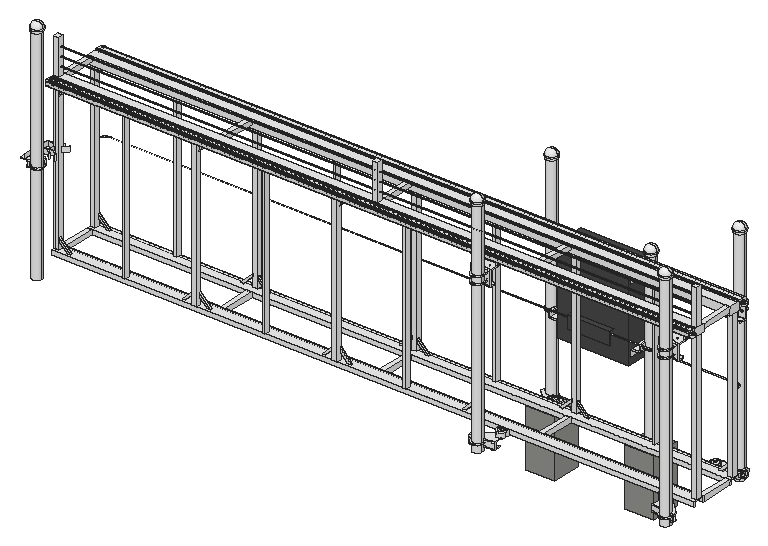
Revit family "Site-Fencing-Tymetal_Corp-Box_Frame_Cantilever_Slide_Gate-Chain_Link-TYM-VS2-1", category Site, Revit 2015
Parameters (values of type "Three Phase")
  Watts = 745.7 W
  Voltage = 460 V
  URL = "http://www.tymetal.com/"
  Single Gate Clearances = if(Clear Opening < 12' 0", 12' 0", if(Clear Opening > 60' 0", 60' 0", Clear Opening))  # 15' - 0"
  Proposed Fence Location [instance] = yes
  Product data url = "https://bimobject.com/tymetal/product/tymetal-tym-vs2-1b"
  Product Page URL = "http://www.tymetal.com/industrial-commercial/gate-operator-systems/tym-vs2-1b/"
  Product Documentation Link = "http://www.tymetal.com/industrial-commercial/gate-operator-systems/tym-vs2-1b/"
  Power Factor = 0.8
  Post Spacing = (Single Gate Clearances / 2) - 0' 11"  # 6' - 7"
  Post Radius = Post Diameter / 2  # 0' - 2"
  Post Height = if(Barb Arms and Wires, Gate Height Clearances + Barb Height + 0' 6", Gate Height Clearances + 0' 6")  # 7' - 9"
  Post Diameter = 0' - 4"  # constant formula
  Phase = 1
  Panel Height = Height + Barb Height  # 7' - 3"
  Pad Note = "OPERATOR PAD DEPTH TO BE MINIMUM OF 24IN AND IN ACCORDANCE WITH ALL LOCAL CODES AND SOIL CONDITIONS."  # constant formula
  Pad Finish = Concrete - Tymetal - Cast-In-Place - Gray
  Options = "Barb Arms are Optional; Barb Wires by Others"  # constant formula
  Operator Finish = Plastic - Tymetal - Polyethylene - Black
  Operator Documentation Link = "http://www.tymetal.com/wp-content/uploads/2013/05/TYM-VS2-Operator.pdf"
  Number of Poles = 3
  Notes = "Single Clear Opening up to 60' and Double Clear Openings up to 120'"  # constant formula
  Mount Clamp Extension from Gate = 0' - 2"
  Model = "Chain Link"  # constant formula
  Maximum Cycles = "Continuous Duty"  # constant formula
  Manufacturer = "Tymetal Corp."  # constant formula
  Load Classification = Power
  Length = Single Gate Clearances * 1.5  # 22' - 6"
  Height = 6' - 0"
  Hardware Finish = Metal - Tymetal - Aluminum
  Gate Weight (Max) = "2500 lbs"  # constant formula
  Gate Speed = "2 ft / sec"  # constant formula
  Gate Opening (Max) = "60 ft"  # constant formula
  Gate Height Clearances = if(Height < 6' 0", 6' 0", if(Height > 8' 0", 8' 0", Height))  # 6' - 0"
  Gate Documentation Link = "http://www.tymetal.com/wp-content/uploads/2013/05/Tymetal-Fortress-Box-Frame-Cantilever-Slide-Gate.pdf"
  Front Panel Length = (Single Gate Clearances - 0' 3 1/4") / Front Chain Link Panel Count  # 4' - 10.91667"
  Front Chain Link Panel Count = Chain Link Panel Count - 1  # 3
  Front Additional Posts = Additional Posts - 1  # 2
  Finish Note = "For additional powder coat color options, please contact Tymetal"  # constant formula
  Finish = Metal - Tymetal - Aluminum
  Fence Offset from Grade = 0' - 5"
  Drive Type = "#50 Chain"  # constant formula
  Description = "TYM-VS2-1B Operator on a Fortress Box Frame Cantilever Slide Gate with Chain Link Fencing"  # constant formula
  Counter Balance Length = Single Gate Clearances * 0.5  # 7' - 6"
  Connector Description = "Connection for Electrical Power"  # constant formula
  Clear Opening = 15' - 0"
  Chain Link Panel Length = (Length - 0' 2") / Chain Link Panel Count  # 5' - 7"
  Chain Link Panel Count = if(and(Clear Opening > 12' 0", Clear Opening < 17' 0"), 4, if(and(Clear Opening > 18' 0", Clear Opening < 23' 0"), 5, if(and(Clear Opening > 24' 0", Clear Opening < 29' 0"), 6, if(and(Clear Opening > 30' 0", Clear Opening < 35' 0"), 7, if(and(Clear Opening > 36' 0", Clear Opening < 41' 0"), 8, if(and(Clear Opening > 42' 0", Clear Opening < 47' 0"), 9, if(and(Clear Opening > 48' 0", Clear Opening < 53' 0"), 10, if(and(Clear Opening > 54' 0", Clear Opening < 60' 0"), 11, 6))))))))  # 4
  Catch Assembly Height above Grade = 3' - 6"
  Bottom Guide Cover = yes
  Between Posts = 2' - 11"  # constant formula
  Barb Height = 1' - 3"
  Barb Arms and Wires = yes
  Assembly Code = "G2040100"
  Apparent Load Phase3 = Watts  # 745.7 VA
  Apparent Load Phase2 = Watts  # 745.7 VA
  Apparent Load Phase1 = Watts  # 745.7 VA
  Additional Posts = Chain Link Panel Count - 1  # 3
Reference planes (in)
  plane 1 "Center (Front/Back)": y = 0
  plane 2 "Bottom": z = 0
  plane 3 "Center (Left/Right)": x = 0
  plane 4 "Top": z = 72
  plane 5: z = 5
  plane 6: x = 135
  plane 7: x = -135
  plane 8: x = 50
  plane 9: x = 45
  plane 10: y = 17.5
  plane 11: y = -17.5
  plane 12: y = 19.5
  plane 13: y = -19.5
  plane 14: x = -137
  plane 15: x = 129
  plane 16: z = 3.275
  plane 17: z = 63.60938
  plane 18: x = 45
  plane 19: z = 42
  plane 20: y = -11
  plane 21: x = -136.49609
  plane 22: y = 11
  plane 23: x = -135
  plane 24: x = -67
  plane 25: x = -136
  plane 26: x = 67
  plane 27: x = 134
  plane 28: z = 93
  plane 29: x = 133
  plane 30: x = -75.08333
  plane 31: x = 42.75
  plane 32: x = -16.16667
  plane 33: x = -134
Forms (in)
  Extrusion 1, solid, material "Metal - Tymetal - Chain Link"
    sketch origin (0, 0, 0) x (0, 1, 0) y (0, 0, 1)
      loop
        line (10.5, 68.8125) -> (10.46875, 68.8125) -> (10.46875, 7) -> (10.5, 7) -> (10.5, 68.8125)
    from -133 to 133
  Extrusion 2, solid, material "Metal - Tymetal - Chain Link"
    sketch origin (0, 0, 0) x (0, 1, 0) y (0, 0, 1)
      loop
        line (-11.96875, 7) -> (-11.96875, 68.8125) -> (-12, 68.8125) -> (-12, 7) -> (-11.96875, 7)
    from -133 to 43.75
Dimensions and locks (in)
  "Fence Offset from Grade": plane 5 to level
  equal spacing: plane 7, plane 3 "Center (Left/Right)", plane 6
  "Length": plane 7 to plane 6
  equal spacing: plane 10, plane 1 "Center (Front/Back)", plane 11
  "Between Posts": plane 10 to plane 11
  "Post Radius": plane 13 to plane 11
  "Post Radius": plane 12 to plane 10
  "Post Radius": plane 14 to plane 7
  locked: plane 15 to plane 6 at 6
  locked: plane 16 to level at 3.275
  "Counter Balance Length": plane 18 to plane 6
  "Catch Assembly Height above Grade": plane 19 to level
  plane 21 to plane 7 = 0' - 1 127/256"
  "Post Spacing": plane 8 to plane 15
  locked: plane 22 to plane 1 "Center (Front/Back)" at 11
  locked: plane 21 to plane 23 at 1.49609
  locked: plane 23 to plane 25 at 1
  "Chain Link Panel Length": plane 24 to plane 33
  locked: plane 6 to plane 27 at 1
  "Chain Link Panel Length": plane 27 to plane 26
  locked: plane 1 "Center (Front/Back)" to plane 20 at 11
  "Post Height": plane 28 to level
  "Gate Height Clearances": plane 4 "Top" to plane 2 "Bottom"
  equal spacing: group 1, group 3, group 2  (x3)
  locked: plane 6 to plane 29 at 2
  equal spacing: group 4, group 6, group 7, group 5  (x3)
  group 9 to group 8 = 4' - 10.91667"
  group 8 to group 9 = 0' - 0"  (x2)
  "Single Gate Clearances": plane 7 to plane 9
  locked: plane 4 "Top" to plane 17 at 8.39062
  locked: Extrusion 1 sketch curve to Extrusion 1 sketch curve at 0.03125
  locked: Extrusion 2 sketch curve to Extrusion 2 sketch curve at 0.03125
  locked: Extrusion 2 to plane 7 at 2
  locked: plane 6 to Extrusion 1 at 2
  locked: Extrusion 1 to plane 7 at 2
  locked: plane 13 to nested 26 at 4
  equal spacing: group 10, group 12, group 11  (x3)
  "Front Panel Length": plane 30 to plane 33
  locked: plane 8 to plane 31 at 7.25
  "Front Panel Length": plane 31 to plane 32
  locked: Extrusion 2 to plane 31 at 1
  equal spacing: group 13, group 15, group 14  (x3)
  locked: plane 33 to plane 23 at 1
  aligned and locked: plane 8 to nested 2
  aligned and locked: nested 2 to plane 13
  aligned and locked: nested 3 to plane 13
  aligned and locked: plane 15 to nested 3
  aligned and locked: nested 1 to plane 13
  aligned and locked: nested 4 to plane 12
  aligned and locked: plane 15 to nested 4
  aligned and locked: nested 1 to plane 2 "Bottom"
  aligned and locked: nested 1 to level
  aligned and locked: nested 3 to level  (x2)
  aligned and locked: nested 2 to level
  aligned and locked: plane 12 to nested 8
  aligned and locked: nested 8 to plane 8
  aligned and locked: plane 8 to nested 6
  aligned and locked: plane 13 to nested 6
  aligned and locked: nested 5 to plane 13
  aligned and locked: plane 15 to nested 5
  aligned and locked: nested 7 to plane 15
  aligned and locked: nested 7 to plane 12
  aligned and locked: nested 6 to plane 16
  aligned and locked: plane 16 to nested 8
  aligned and locked: plane 16 to nested 5
  aligned and locked: nested 7 to plane 16
  aligned and locked: nested 11 to plane 8
  aligned and locked: plane 12 to nested 11
  aligned and locked: nested 12 to plane 12
  aligned and locked: nested 12 to plane 15
  aligned and locked: plane 8 to nested 9
  aligned and locked: nested 9 to plane 13
  aligned and locked: nested 10 to plane 13
  aligned and locked: plane 15 to nested 10
  aligned and locked: nested 9 to plane 17
  aligned and locked: nested 11 to plane 17
  aligned and locked: nested 10 to plane 17
  aligned and locked: nested 12 to plane 17
  aligned and locked: plane 13 to nested 13
  aligned and locked: plane 19 to nested 13
  aligned and locked: nested 14 to level
  aligned and locked: plane 1 "Center (Front/Back)" to nested 14
  aligned and locked: plane 24 to nested 15
  aligned and locked: plane 22 to nested 15
  aligned and locked: plane 5 to nested 15
  aligned and locked: nested 16 to plane 12
  aligned and locked: plane 8 to nested 16
  aligned and locked: level to nested 16
  aligned and locked: nested 14 to plane 3 "Center (Left/Right)"
  aligned and locked: plane 7 to nested 1
  aligned and locked: nested 13 to plane 7
  aligned and locked: nested 18 to plane 26
  aligned and locked: plane 22 to nested 18
  aligned and locked: plane 5 to nested 18
  aligned and locked: nested 20 to plane 26
  aligned and locked: level to nested 20
  aligned and locked: nested 23 to plane 20
  aligned and locked: level to nested 24
  aligned and locked: nested 25 to plane 20
  aligned and locked: nested 17 to nested 15
  aligned and locked: Extrusion 1 sketch curve to nested 14  (x2)
  aligned and locked: nested 14 to Extrusion 1 sketch curve
  aligned and locked: nested 14 to Extrusion 2 sketch curve
  aligned and locked: Extrusion 2 sketch curve to nested 24
  aligned and locked: plane 8 to nested 26
  aligned and locked: nested 14 to plane 6
  aligned and locked: nested 14 to plane 7
  aligned and locked: plane 24 to nested 27
  aligned and locked: plane 1 "Center (Front/Back)" to nested 27
  aligned and locked: nested 28 to plane 26
  aligned and locked: plane 1 "Center (Front/Back)" to nested 28
  aligned and locked: level to nested 28
  aligned and locked: level to nested 27
  aligned and locked: level to nested 30
  aligned and locked: nested 30 to plane 31
  aligned and locked: plane 32 to nested 23
  aligned and locked: plane 30 to nested 25
  aligned and locked: plane 33 to nested 17
  aligned and locked: plane 33 to nested 24
  aligned and locked: plane 31 to nested 32
  aligned and locked: nested 32 to plane 20
  aligned and locked: plane 20 to nested 30
  aligned and locked: plane 20 to nested 24
Automatic sketch dimensions
  Extrusion 2 sketch curve to plane 20 = 0' - 1"
Nested families (in)
  nested 1: "Fence - Post" at (-135, -19.5, 0), type "Fence - Post"
    with Post Height 7' - 9"
  nested 2: "Fence - Post" at (50, -19.5, 0), type "Fence - Post"
    with Post Height 7' - 9"
  nested 3: "Fence - Post" at (129, -19.5, 0), type "Fence - Post"
    with Post Height 7' - 9"
  nested 4: "Fence - Post" at (129, 19.5, 0), type "Fence - Post"
    with Post Height 7' - 9"
  nested 5: "Fence - Box Bottom Guide" at (129, -19.5, 3.275), type "Fence - Box Bottom Guide"
  nested 6: "Fence - Box Bottom Guide" at (50, -19.5, 3.275) x (-1, 0, 0) z (0, 0, 1), type "Fence - Box Bottom Guide"
  nested 7: "Fence - Box Bottom Guide" at (129, 19.5, 3.275), type "Fence - Box Bottom Guide"
  nested 8: "Fence - Box Bottom Guide" at (50, 19.5, 3.275) x (-1, 0, 0) z (0, 0, 1), type "Fence - Box Bottom Guide"
  nested 9: "Fence - Box Hanger with Track" at (50, -19.5, 65.10938), type "Fence - Box Hanger with Track"
  nested 10: "Fence - Box Hanger with Track" at (129, -19.5, 65.10938), type "Fence - Box Hanger with Track"
  nested 11: "Fence - Box Hanger with Track" at (50, 19.5, 65.10938) x (-1, 0, 0) z (0, 0, 1), type "Fence - Box Hanger with Track"
  nested 12: "Fence - Box Hanger with Track" at (129, 19.5, 65.10938) x (-1, 0, 0) z (0, 0, 1), type "Fence - Box Hanger with Track"
  nested 13: "Fence - Catch Assembly" at (-135, -19.5, 42) x (-1, 0, 0) z (0, 0, 1), type "Fence - Catch Assembly"
    with Gate Open Distance 0' - 2", Catch Location 0' - 2"
  nested 14: "Fence - Box Frame" at (-86, 0, 0), type "Fence - Box Frame"
    with Frame Length 22' - 6", Barb Posts 3, Frame Height 6' - 0"
  nested 15: "Fence - 2x2" at (-67, 11, 0), type "Fence - 2x2"
    with Nominal Gate Height 6' - 0"
  nested 16: "Site-Fencing-Tymetal_Corp-Gate_Operator-TYM-VS2-1" at (50, 19.5, 0), type "TYM VS2-1"
    with Post Height 7' - 9"
  nested 17: "Fence - Chain Link Panel" at (-104, 10, 0) x (-1, 0, 0) z (0, 0, 1), type "Panel"
    with Panel Length 5' - 7"
  nested 18: "Fence - 2x2" at (67, 11, 0), type "Fence - 2x2"
    with Nominal Gate Height 6' - 0"
  nested 19: "Fence - 2x2" at (0, 11, 0), type "Fence - 2x2"
    with Nominal Gate Height 6' - 0"
  nested 20: "Fence - Chain Link Panel" at (97, 10, 0) x (-1, 0, 0) z (0, 0, 1), type "Panel"
    with Panel Length 5' - 7"
  nested 21: "Fence - Chain Link Panel" at (-37, 10, 0) x (-1, 0, 0) z (0, 0, 1), type "Panel"
    with Panel Length 5' - 7"
  nested 22: "Fence - Chain Link Panel" at (30, 10, 0) x (-1, 0, 0) z (0, 0, 1), type "Panel"
    with Panel Length 5' - 7"
  nested 23: "Fence - 2x2" at (-16.16667, -11, 0), type "Fence - 2x2"
    with Nominal Gate Height 6' - 0"
  nested 24: "Fence - Chain Link Panel" at (-97, -10, 0), type "Front Panel"
    with Panel Length 4' - 10.91667"
  nested 25: "Fence - 2x2" at (-75.08333, -11, 0), type "Fence - 2x2"
    with Nominal Gate Height 6' - 0"
  nested 26: "Fence-Chain_Link" at (101.5, -23.5, 0), visible <- "Proposed Fence Location", type "Fence-Chain_Link"
    with Length 6' - 7"
  nested 27: "Fence - Box Frame-Supports" at (-153, 0, 0), type "Fence - Box Frame-Supports"
  nested 28: "Fence - Box Frame-Supports" at (-19, 0, 0), type "Fence - Box Frame-Supports"
  nested 29: "Fence - Box Frame-Supports" at (-86, 0, 0), type "Fence - Box Frame-Supports"
  nested 30: "Fence - Chain Link Panel" at (20.83333, -10, 0), type "Front Panel"
    with Panel Length 4' - 10.91667"
  nested 31: "Fence - Chain Link Panel" at (-38.08333, -10, 0), type "Front Panel"
    with Panel Length 4' - 10.91667"
  nested 32: "Fence - 2x2" at (42.75, -11, 0), type "Fence - 2x2"
    with Nominal Gate Height 6' - 0"
Connectors (in)
  electrical at (70.8593, 21.3709, 29), driven by "Number of Poles", driven by "Voltage", driven by "Apparent Load Phase1", driven by "Apparent Load Phase2", driven by "Apparent Load Phase3", driven by "Power Factor", driven by "Connector Description", driven by "Load Classification"
    settings: on nested 16, index 1, voltage 460 V, apparent load 0 VA, apparent load phase1 745.7 VA, apparent load phase2 745.7 VA, apparent load phase3 745.7 VA, power factor 0.8, load classification "Power", number of poles 3, system type 31, power factor state 1, is connector primary yes, connector utility no, sub classification motor no, connector description "Connection for Electrical Power"
Definition of nested family "Fence - Post"
  Parameters
    Post Radius = Post Diameter / 2  # 0' - 2"
    Post Material = none
    Post Height = 8' - 0"
    Post Diameter = 0' - 4"
    Cap Radius = Post Radius + 0' 0 1/4"  # 0' - 2 1/4"
  Reference planes (in)
    plane 1 "Center (Front/Back)": y = 0
    plane 2: z = 0
    plane 3 "Center (Left/Right)": x = 0
    plane 4: z = 75
    plane 5 "Post Right": x = 2
    plane 6 "Post Left": x = -2
    plane 7 "Post Front": y = 2
    plane 8 "Post Back": y = -2
    plane 9: z = 96
    plane 10: x = -2.25
    plane 11: x = -2.49863
    plane 12: z = 99.5
  Forms (in)
    Revolve 1, solid, material <- "Post Material", detail levels coarse
      sketch origin (0, 0, 0) x (1, 0, 0) y (0, 0, 1)
        loop
          line (-2, 0) -> (0, 0) -> (0, 96) -> (-2, 96) -> (-2, 0)
        axis (0, 96) -> (0, 0)
      angle from 0 to 360
    Revolve 2, solid, material <- "Post Material", detail levels medium+fine
      sketch origin (0, 0, 27) x (1, 0, 0) y (0, 0, 1)
        loop
          line (-2, -27) -> (0, -27) -> (0, 72.5)
          arc (0, 72.5) -> (-1.59099, 71.84099) -> (-2.25, 70.25) r 2.25
          line (-2.25, 70.25) -> (-2.49863, 70.25) -> (-2.49863, 70) -> (-2.25, 70) -> (-2.25, 69) -> (-2, 69) -> (-2, -27)
        axis (0, 72.5) -> (0, -27)
      angle from 0 to 360
  Lines and regions (in)
    Masking region 1
      outline origin (0, 0, 0) x (1, 0, 0) y (0, 1, 0)
        loop
          circle (0, 0) r 2
  Dimensions and locks (in)
    "Post Height": plane 9 to plane 2
    "Post Radius": plane 3 "Center (Left/Right)" to Revolve 1 sketch curve
    equal spacing: plane 6 "Post Left", plane 3 "Center (Left/Right)", plane 5 "Post Right"
    "Post Diameter": plane 6 "Post Left" to plane 5 "Post Right"
    "Post Diameter": plane 8 "Post Back" to plane 7 "Post Front"
    equal spacing: plane 8 "Post Back", plane 1 "Center (Front/Back)", plane 7 "Post Front"
    Revolve 2 sketch curve to Revolve 2 sketch curve to Revolve 2 sketch curve = 0' - 0 1/4" locked, 0' - 1" locked
    plane 11 to plane 10 to plane 6 "Post Left" = 0' - 0.24863" locked, 0' - 0 1/4" locked
    "Post Radius": radius of Masking region 1 sketch curve
    aligned and locked: Revolve 1 sketch curve to plane 3 "Center (Left/Right)"  (x2)
    aligned and locked: Revolve 1 sketch curve to level
    aligned and locked: Revolve 2 sketch curve to plane 3 "Center (Left/Right)"  (x2)
    aligned and locked: Revolve 2 sketch curve to level
    aligned and locked: plane 3 "Center (Left/Right)" to Masking region 1 sketch curve
    aligned and locked: plane 1 "Center (Front/Back)" to Masking region 1 sketch curve
    aligned and locked: plane 9 to Revolve 2
    aligned and locked: plane 9 to Revolve 2 sketch curve
    aligned and locked: plane 6 "Post Left" to Revolve 2 sketch curve
    aligned and locked: plane 10 to Revolve 2 sketch curve
    aligned and locked: Revolve 2 sketch curve to plane 11
    aligned and locked: Revolve 2 sketch curve to plane 10
    aligned and locked: plane 12 to plane 4
    aligned and locked: plane 9 to Revolve 1 sketch curve
  Automatic sketch dimensions
    Revolve 2 sketch curve to Revolve 2 sketch curve = 2' - 0 1/2"
    plane 4 to Revolve 2 sketch curve = 3' - 9.60702"
    Revolve 1 sketch curve to Revolve 1 sketch curve = 2' - 0"
    Revolve 1 sketch curve to plane 9 = 2' - 1.10599"
Definition of nested family "Fence - Box Bottom Guide"
  Parameters
    Post Radius = Post Diameter / 2  # 0' - 2"
    Post Diameter = 0' - 4"
    Post Attachment Extension = 0' - 2"
    Outside Guide Location = 0' - 10 3/4"
    OG Calculation = if(Outside Guide Location < 0' 6 15/16", 0' 6 15/16", if(Outside Guide Location > 0' 10 3/4", 0' 10 3/4", Outside Guide Location))  # 0' - 10 3/4"
    Inside Guide Location = 0' - 1 11/16"
    IG Calculation = if(Inside Guide Location < 0' 1 11/16", 0' 1 11/16", if(Inside Guide Location > 0' 3 1/4", 0' 3 1/4", Inside Guide Location))  # 0' - 1 11/16"
    Guide Cover = yes
    Bottom Guide Material = none
  Reference planes (in)
    plane 1 "Center (Front/Back)": y = 0
    plane 2: z = 0
    plane 3 "Center (Left/Right)": x = 0
    plane 4: z = 1.5
    plane 5: z = -1.5
    plane 6: y = 7.5
  Forms (in)
    Extrusion 1, solid, material <- "Bottom Guide Material"
      sketch origin (0.008, 0.04498, 0) x (0.139173, 0.990268, 0) y (0, 0, 1)
        loop
          line (6.23383, 1.3736) -> (0.30429, 1.3736)
          arc (0.30429, 1.3736) -> (0.11466, 1.29505) -> (0.03611, 1.10542) r 0.26818
          line (0.03611, 1.10542) -> (0.03611, -1.308)
          arc (0.03611, -1.308) -> (0.11783, -1.50529) -> (0.31511, -1.587) r 0.279
          line (0.31511, -1.587) -> (3.04427, -1.587) -> (3.04427, -1.337) -> (0.27641, -1.337) -> (0.27641, 1.12219) -> (6.23383, 1.12219) -> (6.23383, 1.3736)
      from -6.72252 to 3.32001
    Extrusion 2, void
      sketch origin (0.008, 0.04498, 0) x (0.990268, -0.139173, 0) y (0.139173, 0.990268, 0)
        loop
          line (-4.40584, 6.95107) -> (3.71999, 1.2613) -> (3.71999, 6.95107) -> (-4.40584, 6.95107)
        loop
          circle (0, 0) r 2
      from -1.587 to 1.78897
  Cuts and joins
    Extrusion 2 cuts Extrusion 1
  Lines and regions (in)
    Masking region 1
      outline origin (-0.03883, -0.27629, 0) x (1, 0, 0) y (0, 1, 0)
        loop
          line (-2.40954, 6.94206) -> (-5.74538, 7.41088) -> (-6.60793, 1.27347) -> (-1.9313, 0.61622)
          arc (-1.9313, 0.61622) -> (0.32518, 2.3018) -> (2.02963, 0.05954) r 2
          line (2.02963, 0.05954) -> (3.33686, -0.12418) -> (3.54905, 1.38559) -> (-2.40954, 6.94206)
  Dimensions and locks (in)
    equal spacing: plane 4, level, plane 5
    plane 4 to plane 5 = 0' - 3"
    Extrusion 1 sketch curve to Extrusion 1 sketch curve to Extrusion 1 sketch curve to level to Extrusion 1 sketch curve to Extrusion 1 sketch curve to Extrusion 1 sketch curve = 0' - 0.25141" locked, 0' - 0.01677" locked, 0' - 1.10542" locked, 0' - 1.308" locked, 0' - 0.029" locked, 0' - 0 1/4" locked
    Extrusion 1 sketch curve to Extrusion 1 sketch curve to Extrusion 1 sketch curve to Extrusion 1 sketch curve to Extrusion 1 sketch curve to Extrusion 1 sketch curve = 0' - 3.18957" locked, 0' - 2.72915" locked, 0' - 0.01082" locked, 0' - 0.02788" locked, 0' - 0.2403" locked
    locked: plane 1 "Center (Front/Back)" to plane 6 at 7.5
    aligned and locked: plane 3 "Center (Left/Right)" to nested 2
    aligned and locked: level to nested 2
    aligned and locked: Extrusion 2 to nested 1
    aligned and locked: Extrusion 2 to Extrusion 1
  Automatic sketch dimensions
    Extrusion 2 sketch curve to plane 1 "Center (Front/Back)" = 0' - 7.54158"
    Extrusion 2 sketch curve to Extrusion 2 sketch curve = 0' - 4.40584"
    Extrusion 2 sketch curve to Extrusion 2 sketch curve = 0' - 3.71999"
    Extrusion 2 sketch curve to Extrusion 2 sketch curve = 0' - 5.68977"
    Extrusion 2 sketch curve to Extrusion 2 sketch curve = 0' - 1.2613"
    Extrusion 2 sketch curve to plane 3 "Center (Left/Right)" = 0' - 3.38756"
    Masking region 1 sketch curve to plane 1 "Center (Front/Back)" = 0' - 0.99718"
    Masking region 1 sketch curve to plane 3 "Center (Left/Right)" = 0' - 6.64676"
    Masking region 1 sketch curve to plane 3 "Center (Left/Right)" = 0' - 5.78421"
    Masking region 1 sketch curve to plane 3 "Center (Left/Right)" = 0' - 2.44837"
    Masking region 1 sketch curve to plane 1 "Center (Front/Back)" = 0' - 0.33993"
    Masking region 1 sketch curve to plane 3 "Center (Left/Right)" = 0' - 1.97013"
    Masking region 1 sketch curve to plane 1 "Center (Front/Back)" = 0' - 1.1093"
    Masking region 1 sketch curve to Masking region 1 sketch curve = 0' - 0.21218"
    plane 1 "Center (Front/Back)" to Masking region 1 sketch curve = 0' - 0.40047"
    plane 3 "Center (Left/Right)" to Masking region 1 sketch curve = 0' - 0.008"
    plane 1 "Center (Front/Back)" to Masking region 1 sketch curve = 0' - 0.21675"
    Masking region 1 sketch curve to plane 1 "Center (Front/Back)" = 0' - 0.04498"
    radius of Extrusion 2 sketch curve = 0' - 2"
  Nested families (in)
    nested 1: "Fence - Bottom Wheel" at (-5.35693, 5.99942, 2.53897) x (-1, 0, 0) z (0, 0, 1), type "Fence - Bottom Wheel"
    nested 2: "Fence - Post Bracket" at (0, 0, 0), type "Fence - Post Bracket"
      with Extension Length 0' - 2"
  Definition of nested family "Fence - Bottom Wheel"
    Parameters
      Guide Cover = yes
      Bottom Guide Material = none
    Reference planes (in)
      plane 1 "Center (Front/Back)": y = 0
      plane 2: z = 0
      plane 3 "Center (Left/Right)": x = 0
      plane 4: z = 1.5
      plane 5: z = -1.5
      plane 6: y = -1.51035
      plane 7: y = 1.51035
    Forms (in)
      Revolve 1, solid, material <- "Bottom Guide Material", detail levels medium+fine
        sketch origin (0, -12.31413, 0) x (0, 1, 0) y (0, 0, 1)
          loop
            arc (10.80379, -0.5) -> (10.87701, -0.67678) -> (11.05379, -0.75) r 0.25
            line (11.05379, -0.75) -> (11.55379, -0.75) -> (11.55379, -0.6875) -> (11.67879, -0.6875) -> (11.67879, -0.875) -> (11.88112, -0.875) -> (11.88112, -1.125) -> (12.21022, -1.125) -> (12.21022, -1.5) -> (11.67879, -1.5) -> (11.67879, -1.625) -> (11.88112, -1.625) -> (11.88112, -2.125) -> (12.31413, -2.125) -> (12.31413, 1.25) -> (11.88112, 1.25) -> (11.88112, 0.875) -> (11.67879, 0.875) -> (11.67879, 0.6875) -> (11.55379, 0.6875) -> (11.55379, 0.75) -> (11.05379, 0.75)
            arc (11.05379, 0.75) -> (10.87701, 0.67678) -> (10.80379, 0.5) r 0.25
            line (10.80379, 0.5) -> (10.80379, -0.5)
          axis (12.31413, -2.125) -> (12.31413, 1.25)
        angle from 0 to 360
      Revolve 2, solid, material <- "Bottom Guide Material", detail levels coarse
        sketch origin (0, -12.31413, 0) x (0, 1, 0) y (0, 0, 1)
          loop
            line (10.80379, -0.75) -> (11.88112, -0.75) -> (11.88112, -1.125) -> (12.21022, -1.125) -> (12.21022, -1.5) -> (11.67879, -1.5) -> (11.67879, -2.125) -> (12.31413, -2.125) -> (12.31413, 1.25) -> (11.88112, 1.25) -> (11.88112, 0.75) -> (10.80379, 0.75) -> (10.80379, -0.75)
          axis (12.31413, -2.125) -> (12.31413, 1.25)
        angle from 0 to 360
      Sweep 3, solid, material <- "Bottom Guide Material", visible <- "Guide Cover", detail levels medium+fine
        path origin (0, -12.31413, 0) x (1, 0, 0) y (0, 1, 0)
          loop
            line (-1.87363, 11.06413) -> (-1.87363, 12.31413)
            arc (-1.87363, 12.31413) -> (0, 14.18776) -> (1.87363, 12.31413) r 1.87363
            line (1.87363, 12.31413) -> (1.87363, 11.06413)
        profile origin (0, 1.87363, 0) x (0, 1, 0) y (0, 0, 1)
          loop
            line (-0.0625, -1.0625) -> (0, -1.0625) -> (0, 0.9375)
            arc (0, 0.9375) -> (-0.07322, 1.11428) -> (-0.25, 1.1875) r 0.25
            line (-0.25, 1.1875) -> (-0.36328, 1.1875) -> (-0.36328, 1.125) -> (-0.25, 1.125)
            arc (-0.25, 1.125) -> (-0.11742, 1.07008) -> (-0.0625, 0.9375) r 0.1875
            line (-0.0625, 0.9375) -> (-0.0625, -1.0625)
      Extrusion 4, solid, material <- "Bottom Guide Material", visible <- "Guide Cover", detail levels medium+fine
        sketch origin (0, -12.31413, 0) x (1, 0, 0) y (0, 1, 0)
          loop
            line (-1.51035, 11.06413) -> (1.51035, 11.06413) -> (1.51035, 12.31413)
            arc (1.51035, 12.31413) -> (0, 13.82448) -> (-1.51035, 12.31413) r 1.51035
            line (-1.51035, 12.31413) -> (-1.51035, 11.06413)
        from 1.125 to 1.1875
    Cuts and joins
      joined: Sweep 3, Extrusion 4
    Lines and regions (in)
      Masking region 1, visible <- "Guide Cover", detail levels medium+fine
        outline origin (0, 0, 0) x (1, 0, 0) y (0, 1, 0)
          loop
            line (-1.87363, 0) -> (-1.87363, -1.25) -> (1.87363, -1.25) -> (1.87363, 0)
            arc (1.87363, 0) -> (0, 1.87363) -> (-1.87363, 0) r 1.87363
      Masking region 2
        outline origin (0, 0, 0) x (1, 0, 0) y (0, 1, 0)
          loop
            circle (0, 0) r 1.51035
      Masking region 3, detail levels fine
        outline origin (0, 0, 0) x (1, 0, 0) y (0, 1, 0)
          loop
            circle (0, 0) r 0.76035
          loop
            circle (0, 0) r 0.63535
          loop
            circle (0, 0) r 0.43301
          loop
            circle (0, 0) r 0.10391
    Dimensions and locks (in)
      equal spacing: plane 4, level, plane 5
      plane 4 to plane 5 = 0' - 3"
      aligned and locked: Sweep 3 to Extrusion 4
      aligned and locked: Extrusion 4 to Sweep 3
    Automatic sketch dimensions
      Revolve 1 sketch curve to plane 6 = 0' - 0"
      Revolve 1 sketch curve to plane 5 = 0' - 0"
      Revolve 1 sketch curve to plane 1 "Center (Front/Back)" = 0' - 0"  (x2)
      Revolve 1 sketch curve to Revolve 1 sketch curve = 0' - 0 1/4"  (x3)
      Revolve 1 sketch curve to Revolve 1 sketch curve = 0' - 0 1/2"  (x3)
      Revolve 1 sketch curve to Revolve 1 sketch curve = 0' - 0 1/8"  (x4)
      plane 1 "Center (Front/Back)" to Revolve 1 sketch curve = 0' - 0.63535"
      Revolve 1 sketch curve to Revolve 1 sketch curve = 0' - 0.20233"  (x3)
      plane 1 "Center (Front/Back)" to Revolve 1 sketch curve = 0' - 0.10391"
      Revolve 1 sketch curve to plane 5 = 0' - 0 1/8"
      plane 5 to Revolve 1 sketch curve = 0' - 0 3/8"
      Revolve 1 sketch curve to Revolve 1 sketch curve = 0' - 0 1/16"  (x2)
      level to Revolve 1 sketch curve = 0' - 0 1/2"
      Revolve 1 sketch curve to plane 4 = 0' - 0 1/4"
      Revolve 1 sketch curve to Revolve 1 sketch curve = 0' - 9 7/8"
      plane 4 to Revolve 1 sketch curve = 7' - 10 1/2"
      Revolve 2 sketch curve to plane 6 = 0' - 0"
      Revolve 2 sketch curve to plane 5 = 0' - 0"
      Revolve 2 sketch curve to plane 1 "Center (Front/Back)" = 0' - 0"  (x2)
      Revolve 2 sketch curve to Revolve 2 sketch curve = 0' - 0.63535"
      Revolve 2 sketch curve to Revolve 2 sketch curve = 0' - 0.43301"
      plane 1 "Center (Front/Back)" to Revolve 2 sketch curve = 0' - 0.43301"
      plane 1 "Center (Front/Back)" to Revolve 2 sketch curve = 0' - 0.10391"
      Revolve 2 sketch curve to plane 5 = 0' - 0 5/8"
      plane 5 to Revolve 2 sketch curve = 0' - 0 3/8"
      Revolve 2 sketch curve to Revolve 2 sketch curve = 0' - 0 3/8"
      level to Revolve 2 sketch curve = 0' - 0 3/4"
      Revolve 2 sketch curve to plane 4 = 0' - 0 1/4"
      Revolve 2 sketch curve to Revolve 2 sketch curve = 0' - 9 7/8"
      plane 4 to Revolve 2 sketch curve = 7' - 10 1/2"
      plane 1 "Center (Front/Back)" to Sweep 3 sketch curve = 0' - 0"
      Sweep 3 sketch curve to plane 3 "Center (Left/Right)" = 0' - 0"
      Sweep 3 sketch curve to Sweep 3 sketch curve = 0' - 1.87363"
      plane 6 to Sweep 3 sketch curve = 0' - 0.26035"  (x2)
      Sweep 3 sketch curve to Sweep 3 sketch curve = 0' - 0"  (x2)
      Sweep 3 sketch curve to profile plane = 0' - 0"
      profile plane to Sweep 3 sketch curve = 0' - 0 1/16"
      Sweep 3 sketch curve to Sweep 3 sketch curve = 0' - 0 3/16"
      Sweep 3 sketch curve to Sweep 3 sketch curve = 0' - 0 29/256"
      Sweep 3 sketch curve to profile plane = 0' - 1 1/16"
      profile plane to Sweep 3 sketch curve = 0' - 0 15/16"
      plane 1 "Center (Front/Back)" to Extrusion 4 sketch curve = 0' - 0"
      Extrusion 4 sketch curve to plane 3 "Center (Left/Right)" = 0' - 0"
      plane 6 to Extrusion 4 sketch curve = 0' - 0.26035"
      Extrusion 4 sketch curve to plane 3 "Center (Left/Right)" = 0' - 1.51035"
      plane 1 "Center (Front/Back)" to Masking region 1 sketch curve = 0' - 0"
      Masking region 1 sketch curve to plane 3 "Center (Left/Right)" = 0' - 0"
      Masking region 1 sketch curve to Masking region 1 sketch curve = 0' - 1.87363"
      plane 6 to Masking region 1 sketch curve = 0' - 0.26035"
      Masking region 2 sketch curve to Masking region 2 sketch curve = 0' - 0"  (x2)
      Masking region 2 sketch curve to plane 3 "Center (Left/Right)" = 0' - 0"
      Masking region 2 sketch curve to plane 6 = 0' - 0"
      plane 1 "Center (Front/Back)" to Masking region 2 sketch curve = 0' - 0"
      Masking region 3 sketch curve to Masking region 3 sketch curve = 0' - 0"  (x6)
      plane 1 "Center (Front/Back)" to Masking region 3 sketch curve = 0' - 0"
      Masking region 3 sketch curve to plane 3 "Center (Left/Right)" = 0' - 0"
      Masking region 3 sketch curve to Masking region 3 sketch curve = 0' - 0.63535"
      Masking region 3 sketch curve to Masking region 3 sketch curve = 0' - 0 1/8"
      Masking region 3 sketch curve to Masking region 3 sketch curve = 0' - 0.20233"
      Masking region 3 sketch curve to Masking region 3 sketch curve = 0' - 0.10391"
  Definition of nested family "Fence - Post Bracket"
    Parameters
      Extension Length = 0' - 3"
      Bottom Guide Material = none
    Reference planes (in)
      plane 1 "Center (Front/Back)": y = 0
      plane 2: z = 0
      plane 3 "Center (Left/Right)": x = 0
    Forms (in)
      Sweep 1, solid, material <- "Bottom Guide Material", detail levels medium+fine
        path origin (0, 0, 0) x (1, 0, 0) y (0, 1, 0)
          loop
            line (-2.5, 3) -> (-2.5, 0)
            arc (-2.5, 0) -> (0, -2.5) -> (2.5, 0) r 2.5
            line (2.5, 0) -> (2.5, 3)
        profile origin (0, -2.5, 0) x (0, 1, 0) y (0, 0, 1)
          loop
            circle (0.25, 0) r 0.25
    Lines and regions (in)
      Masking region 1, detail levels medium+fine
        outline origin (0, 0, 0) x (1, 0, 0) y (0, 1, 0)
          loop
            line (-2.5, 3) -> (-2.5, 0)
            arc (-2.5, 0) -> (0, -2.5) -> (2.5, 0) r 2.5
            line (2.5, 0) -> (2.5, 3) -> (2, 3) -> (2, 0)
            arc (2, 0) -> (0, -2) -> (-2, 0) r 2
            line (-2, 0) -> (-2, 3) -> (-2.5, 3)
    Dimensions and locks (in)
      "Extension Length": plane 1 "Center (Front/Back)" to Sweep 1 sketch curve  (x2)
      locked: Masking region 1 sketch curve to Masking region 1 sketch curve at 0.5  (x2)
      aligned and locked: Masking region 1 sketch curve to Sweep 1  (x2)
    Automatic sketch dimensions
      Sweep 1 sketch curve to level = 0' - 0"
      Sweep 1 sketch curve to profile plane = 0' - 0 1/4"
      Masking region 1 sketch curve to Masking region 1 sketch curve = 0' - 0"
      plane 1 "Center (Front/Back)" to Masking region 1 sketch curve = 0' - 0"
      Masking region 1 sketch curve to plane 3 "Center (Left/Right)" = 0' - 0"
      Masking region 1 sketch curve to plane 3 "Center (Left/Right)" = 0' - 2"
      plane 1 "Center (Front/Back)" to Sweep 1 sketch curve = 0' - 0"
      Sweep 1 sketch curve to plane 3 "Center (Left/Right)" = 0' - 0"
      Sweep 1 sketch curve to plane 3 "Center (Left/Right)" = 0' - 2 1/2"
      radius of Sweep 1 sketch curve = 0' - 0 1/4"
Definition of nested family "Fence - Box Hanger with Track"
  Parameters
    Roller Height = 0' - 3 1/4"
    Right Track = yes
    Post Radius = Post Diameter / 2  # 0' - 2"
    Post Diameter = 0' - 4"
    Post Attachment Extension = 0' - 2"
    Left Track = not(Right Track)  # no
    Hanger Material = none
  Reference planes (in)
    plane 1 "Center (Front/Back)": y = 0
    plane 2: z = 0
    plane 3 "Center (Left/Right)": x = 0
    plane 4: z = 6.3125
    plane 5: z = -1.5
  Dimensions and locks (in)
    "Post Radius": plane 1 "Center (Front/Back)" to nested 2
    locked: level to plane 5 at 1.5
    aligned and locked: plane 3 "Center (Left/Right)" to nested 1
    aligned and locked: plane 3 "Center (Left/Right)" to nested 2
    aligned and locked: nested 4 to nested 2
    aligned and locked: nested 4 to nested 3
  Nested families (in)
    nested 1: "Fence - Post Bracket" at (0, -0.1875, -1.5), type "Fence - Post Bracket"
      with Extension Length 0' - 2"
    nested 2: "Fence - Box Hanger Plate" at (0, 1.62395, 0), type "Fence - Box Hanger Plate"
    nested 3: "Fence - Track Roller" at (-3.3125, 5.99794, 3.1875), type "Fence - Track Roller"
    nested 4: "Fence - Track Roller" at (3.3125, 5.99794, 3.1875) x (-1, 0, 0) z (0, 0, 1), type "Fence - Track Roller"
    nested 5: "Fence - Post Bracket" at (0, -0.1875, 1.5), type "Fence - Post Bracket"
      with Extension Length 0' - 2"
  Definition of nested family "Fence - Post Bracket"
    Parameters
      Extension Length = 0' - 3"
      Bottom Guide Material = none
    Reference planes (in)
      plane 1 "Center (Front/Back)": y = 0
      plane 2: z = 0
      plane 3 "Center (Left/Right)": x = 0
    Forms (in)
      Sweep 1, solid, material <- "Bottom Guide Material", detail levels medium+fine
        path origin (0, 0, 0) x (1, 0, 0) y (0, 1, 0)
          loop
            line (-2.5, 3) -> (-2.5, 0)
            arc (-2.5, 0) -> (0, -2.5) -> (2.5, 0) r 2.5
            line (2.5, 0) -> (2.5, 3)
        profile origin (0, -2.5, 0) x (0, 1, 0) y (0, 0, 1)
          loop
            circle (0.25, 0) r 0.25
    Lines and regions (in)
      Masking region 1, detail levels medium+fine
        outline origin (0, 0, 0) x (1, 0, 0) y (0, 1, 0)
          loop
            line (-2.5, 3) -> (-2.5, 0)
            arc (-2.5, 0) -> (0, -2.5) -> (2.5, 0) r 2.5
            line (2.5, 0) -> (2.5, 3) -> (2, 3) -> (2, 0)
            arc (2, 0) -> (0, -2) -> (-2, 0) r 2
            line (-2, 0) -> (-2, 3) -> (-2.5, 3)
    Dimensions and locks (in)
      "Extension Length": plane 1 "Center (Front/Back)" to Sweep 1 sketch curve  (x2)
      locked: Masking region 1 sketch curve to Masking region 1 sketch curve at 0.5  (x2)
      aligned and locked: Masking region 1 sketch curve to Sweep 1  (x2)
    Automatic sketch dimensions
      Sweep 1 sketch curve to level = 0' - 0"
      Sweep 1 sketch curve to profile plane = 0' - 0 1/4"
      Masking region 1 sketch curve to Masking region 1 sketch curve = 0' - 0"
      plane 1 "Center (Front/Back)" to Masking region 1 sketch curve = 0' - 0"
      Masking region 1 sketch curve to plane 3 "Center (Left/Right)" = 0' - 0"
      Masking region 1 sketch curve to plane 3 "Center (Left/Right)" = 0' - 2"
      plane 1 "Center (Front/Back)" to Sweep 1 sketch curve = 0' - 0"
      Sweep 1 sketch curve to plane 3 "Center (Left/Right)" = 0' - 0"
      Sweep 1 sketch curve to plane 3 "Center (Left/Right)" = 0' - 2 1/2"
      radius of Sweep 1 sketch curve = 0' - 0 1/4"
  Definition of nested family "Fence - Box Hanger Plate"
    Parameters
      Hanger Material = none
    Reference planes (in)
      plane 1 "Center (Front/Back)": y = 0
      plane 2: z = 0
      plane 3 "Center (Left/Right)": x = 0
      plane 4: y = 0.37605
      plane 5: x = -3.3125
      plane 6: y = 3.9375
      plane 7: x = 3.3125
    Forms (in)
      Extrusion 1, solid, material <- "Hanger Material"
        sketch origin (0, 0, 0) x (0, 1, 0) y (0, 0, 1)
          loop
            arc (0.41542, 3.25406) -> (0.12242, 3.13269) -> (0.00105, 2.83969) r 0.41437
            line (0.00105, 2.83969) -> (0.00105, -2.83157)
            arc (0.00105, -2.83157) -> (0.12242, -3.12457) -> (0.41542, -3.24594) r 0.41437
            line (0.41542, -3.24594) -> (2.2293, -3.24594) -> (2.2293, -2.87094) -> (0.41542, -2.87094)
            arc (0.41542, -2.87094) -> (0.38758, -2.85941) -> (0.37605, -2.83157) r 0.03937
            line (0.37605, -2.83157) -> (0.37605, 2.83969)
            arc (0.37605, 2.83969) -> (0.38758, 2.86753) -> (0.41542, 2.87906) r 0.03937
            line (0.41542, 2.87906) -> (3.81455, 2.87906) -> (3.81455, 3.25406) -> (0.41542, 3.25406)
        from -4 to 4
      Extrusion 2, void
        sketch origin (0, -1.3125, 0) x (1, 0, 0) y (0, 1, 0)
          loop
            line (-1.3125, 1.25105) -> (1.3125, 1.25105) -> (1.3125, 1.75)
            arc (1.3125, 1.75) -> (1.23928, 1.92678) -> (1.0625, 2) r 0.25
            line (1.0625, 2) -> (-1.0625, 2)
            arc (-1.0625, 2) -> (-1.23928, 1.92678) -> (-1.3125, 1.75) r 0.25
            line (-1.3125, 1.75) -> (-1.3125, 1.25105)
        from -3.24594 to 3.25406
      Extrusion 3, solid, material <- "Hanger Material"
        sketch origin (0, 0.4375, 0) x (1, 0, 0) y (0, 1, 0)
          loop
            line (4, 3.37705) -> (4, 3.9375)
            arc (4, 3.9375) -> (3.79864, 4.42364) -> (3.3125, 4.625) r 0.6875
            line (3.3125, 4.625) -> (-3.3125, 4.625)
            arc (-3.3125, 4.625) -> (-3.79864, 4.42364) -> (-4, 3.9375) r 0.6875
            line (-4, 3.9375) -> (-4, 3.37705) -> (4, 3.37705)
        from 2.87906 to 3.25406
      Extrusion 4, solid, material <- "Hanger Material"
        sketch origin (0, 0, 0) x (1, 0, 0) y (0, 1, 0)
          loop
            arc (-3.5, 2.875) -> (-3.85355, 2.72855) -> (-4, 2.375) r 0.5
            line (-4, 2.375) -> (-4, 2.2293) -> (4, 2.2293) -> (4, 2.375)
            arc (4, 2.375) -> (3.85355, 2.72855) -> (3.5, 2.875) r 0.5
            line (3.5, 2.875) -> (-3.5, 2.875)
        from -3.24594 to -2.87094
      Sweep 5, solid, material <- "Hanger Material", detail levels fine
        path origin (-2.63501, 0.79388, 1.47707) x (0.464166, 0.563047, -0.683761) y (0.368983, 0.578872, 0.727158)
          loop
            line (1.11219, -1.78253) -> (1.11219, 2.96747)
        profile origin (-1.90016, 1.76306, 1.14741) x (-0.464166, -0.563047, 0.683761) y (0.805234, -0.589818, 0.060938)
          loop
            circle (0, 0) r 0.25
      Sweep 6, solid, material <- "Hanger Material", detail levels fine
        path origin (2.63501, 0.8095, 1.47707) x (-0.464166, 0.563047, -0.683761) y (0.368983, -0.578872, -0.727158)
          loop
            line (1.09193, 1.79654) -> (1.09193, -2.95346)
        profile origin (1.91473, 1.75917, 1.15108) x (-0.464166, 0.563047, -0.683761) y (-0.805234, -0.589818, 0.060938)
          loop
            circle (0, 0) r 0.25
    Cuts and joins
      Extrusion 2 cuts Extrusion 1
      joined: Extrusion 1, Extrusion 3, Extrusion 4
    Lines and regions (in)
      Masking region 1, detail levels coarse
        outline origin (0, 0, 0) x (1, 0, 0) y (0, 1, 0)
          loop
            line (-4, 4.625) -> (-4, 1.50105) -> (-1.3125, 1.50105) -> (-1.3125, 2) -> (1.3125, 2) -> (1.3125, 1.50105) -> (4, 1.50105) -> (4, 4.625) -> (-4, 4.625)
      Masking region 2, detail levels medium+fine
        outline origin (0, 0.4375, 0) x (1, 0, 0) y (0, 1, 0)
          loop
            line (-4, 3.9375) -> (-4, -0.4375) -> (-1.3125, -0.4375) -> (-1.3125, 0)
            arc (-1.3125, 0) -> (-1.23928, 0.17678) -> (-1.0625, 0.25) r 0.25
            line (-1.0625, 0.25) -> (1.0625, 0.25)
            arc (1.0625, 0.25) -> (1.23928, 0.17678) -> (1.3125, 0) r 0.25
            line (1.3125, 0) -> (1.3125, -0.4375) -> (4, -0.4375) -> (4, 3.9375)
            arc (4, 3.9375) -> (3.79864, 4.42364) -> (3.3125, 4.625) r 0.6875
            line (3.3125, 4.625) -> (-3.3125, 4.625)
            arc (-3.3125, 4.625) -> (-3.79864, 4.42364) -> (-4, 3.9375) r 0.6875
    Dimensions and locks (in)
      locked: cut or joined group of Extrusion 1, Extrusion 2, Extrusion 3, Extrusion 4 to cut or joined group of Extrusion 1, Extrusion 2, Extrusion 3, Extrusion 4 at 8
      aligned and locked: cut or joined group of Extrusion 1, Extrusion 2, Extrusion 3, Extrusion 4 to cut or joined group of Extrusion 1, Extrusion 2, Extrusion 3, Extrusion 4  (x2)
      aligned and locked: Masking region 2 to cut or joined group of Extrusion 1, Extrusion 2, Extrusion 3, Extrusion 4
  Definition of nested family "Fence - Track Roller"
    Parameters
      Track Roller Material = none
      Track Height = 0' - 4"
    Reference planes (in)
      plane 1 "Center (Front/Back)": y = 0
      plane 2: z = 0
      plane 3 "Center (Left/Right)": x = 0
      plane 4: x = -4.42187
      plane 5: x = 4.42188
      plane 6: z = 2.5
      plane 7: y = 0.40625
      plane 8: y = -0.40625
      plane 9: z = 4
      plane 10: z = 2.375
      plane 11: y = 1.09674
      plane 12: y = -1.09674
      plane 13: y = 0.59674
      plane 14: y = -0.59674
      plane 15: z = 3.1875
      plane 16: x = -1.4375
      plane 17: x = 1.42187
      plane 18: z = -0.75
      plane 19: z = -0.1875
      plane 20: z = 0.1875
    Forms (in)
      Extrusion 1, solid, material <- "Track Roller Material"
        sketch origin (0, 0, 0) x (1, 0, 0) y (0, 0, 1)
          loop
            line (-3.73437, 2.5) -> (3.73438, 2.5) -> (3.73438, 2.75) -> (-3.73437, 2.75) -> (-3.73437, 2.5)
        from -0.40625 to 0.40625
      Extrusion 2, solid, material <- "Track Roller Material"
        sketch origin (0, 0, 0) x (1, 0, 0) y (0, 0, 1)
          loop
            line (-2.04089, 3.25) -> (-2.04089, 2.75) -> (2.04089, 2.75) -> (2.04089, 3.25) -> (-2.04089, 3.25)
        from -0.5 to 0.5
      Revolve 3, solid, material <- "Track Roller Material"
        sketch origin (0, 0, 0) x (1, 0, 0) y (0, 0, 1)
          loop
            line (-4.42188, 2.8125) -> (-3.26263, 2.8125) -> (-3.26263, 3.625) -> (-3.51263, 3.625) -> (-3.51263, 3.375) -> (-3.63763, 3.375) -> (-3.63763, 3.3125) -> (-4.42188, 3.3125) -> (-4.42188, 2.8125)
          axis (-3.26263, 3.625) -> (-3.26263, 2.8125)
        angle from 0 to 360
      Revolve 4, solid, material <- "Track Roller Material"
        sketch origin (0, 0, 0) x (-1, 0, 0) y (0, 0, 1)
          loop
            line (-4.42188, 2.8125) -> (-3.26263, 2.8125) -> (-3.26263, 3.625) -> (-3.51263, 3.625) -> (-3.51263, 3.375) -> (-3.63763, 3.375) -> (-3.63763, 3.3125) -> (-4.42188, 3.3125) -> (-4.42188, 2.8125)
          axis (-3.26263, 3.625) -> (-3.26263, 2.8125)
        angle from 0 to 360
      Revolve 5, solid, material <- "Track Roller Material"
        sketch origin (-1.4375, -180, 11.2214) x (0, 0, 1) y (0, -1, 0)
          loop
            line (-7.2214, -181.09674) -> (-7.2214, -180.59674) -> (-8.0339, -180.59674) -> (-8.0339, -181.09674) -> (-7.2214, -181.09674)
          axis (-8.0339, -181.09674) -> (-8.0339, -180.59674)
        angle from 0 to 360
      Revolve 6, solid, material <- "Track Roller Material"
        sketch origin (-1.4375, -180, 11.2214) x (0, 0, 1) y (0, -1, 0)
          loop
            line (-7.2214, -179.40326) -> (-7.2214, -178.90326) -> (-8.0339, -178.90326) -> (-8.0339, -179.40326) -> (-7.2214, -179.40326)
          axis (-8.0339, -179.40326) -> (-8.0339, -178.90326)
        angle from 0 to 360
      Revolve 7, solid, material <- "Track Roller Material"
        sketch origin (1.42187, -180, 11.2214) x (0, 0, 1) y (0, -1, 0)
          loop
            line (-7.2214, -181.09674) -> (-7.2214, -180.59674) -> (-8.0339, -180.59674) -> (-8.0339, -181.09674) -> (-7.2214, -181.09674)
          axis (-8.0339, -181.09674) -> (-8.0339, -180.59674)
        angle from 0 to 360
      Revolve 8, solid, material <- "Track Roller Material"
        sketch origin (1.42187, -180, 11.2214) x (0, 0, 1) y (0, -1, 0)
          loop
            line (-7.2214, -179.40326) -> (-7.2214, -178.90326) -> (-8.0339, -178.90326) -> (-8.0339, -179.40326) -> (-7.2214, -179.40326)
          axis (-8.0339, -179.40326) -> (-8.0339, -178.90326)
        angle from 0 to 360
      Extrusion 9, solid, material <- "Track Roller Material"
        sketch origin (0, 0, 0) x (1, 0, 0) y (0, 1, 0)
          loop
            circle (0, 0) r 0.375
        from -0.75 to 2.5
      Extrusion 10, solid, material <- "Track Roller Material"
        sketch origin (0, 0, 0) x (1, 0, 0) y (0, 1, 0)
          loop
            line (-0.625, 0.84674) -> (-0.625, 0.5) -> (0.625, 0.5) -> (0.625, 0.84674) -> (-0.625, 0.84674)
          loop
            line (-0.625, -0.84674) -> (0.625, -0.84674) -> (0.625, -0.5) -> (-0.625, -0.5) -> (-0.625, -0.84674)
        from 2.5 to 3.25
    Dimensions and locks (in)
      equal spacing: plane 4, plane 3 "Center (Left/Right)", plane 5
      locked: plane 4 to plane 5 at 8.84375
      "Track Height": plane 9 to level
      locked: Extrusion 1 sketch curve to plane 4 at 0.6875
      locked: plane 5 to Extrusion 1 sketch curve at 0.6875
      equal spacing: plane 7, plane 1 "Center (Front/Back)", plane 8
      locked: plane 7 to plane 8 at 0.8125
      locked: Extrusion 2 sketch curve to plane 4 at 2.38099
      locked: Extrusion 2 sketch curve to plane 6 at 0.75
      locked: Extrusion 1 sketch curve to plane 6 at 0.25
      Extrusion 2 to plane 1 "Center (Front/Back)" to Extrusion 2 = 0' - 0 1/2" locked, 0' - 0 1/2" locked
      locked: Revolve 3 sketch curve to plane 4 at 1.15924
      Revolve 3 sketch curve to Revolve 3 sketch curve to Revolve 3 sketch curve to Revolve 3 sketch curve to plane 6 = 0' - 0 1/4" locked, 0' - 0 1/16" locked, 0' - 0 1/2" locked, 0' - 0 5/16" locked
      locked: plane 5 to Extrusion 2 sketch curve at 2.38099
      Revolve 4 sketch curve to Revolve 4 sketch curve to Revolve 4 sketch curve to Revolve 4 sketch curve to plane 6 = 0' - 0 1/4" locked, 0' - 0 1/16" locked, 0' - 0 1/2" locked, 0' - 0 5/16" locked
      locked: plane 5 to Revolve 4 sketch curve at 1.15924
      locked: plane 16 to plane 4 at 2.98438
      locked: plane 17 to plane 5 at 3
      locked: plane 18 to plane 2 at 0.75
      plane 20 to level to plane 19 = 0' - 0 3/16" locked, 0' - 0 3/16" locked
      equal spacing: Extrusion 10 sketch curve, plane 3 "Center (Left/Right)", Extrusion 10 sketch curve  (x2)
      locked: Extrusion 10 sketch curve to Extrusion 10 sketch curve at 1.25  (x2)
      equal spacing: plane 13, Extrusion 10 sketch curve, plane 11
      locked: Extrusion 10 sketch curve to Extrusion 10 sketch curve at 0.34674  (x2)
      equal spacing: plane 9, plane 15, plane 10
      locked: plane 9 to plane 10 at 1.625
      locked: plane 6 to plane 10 at 0.125
      aligned and locked: Extrusion 1 sketch curve to plane 6
      aligned and locked: plane 7 to Extrusion 1
      aligned and locked: Extrusion 1 to plane 8
      aligned and locked: Extrusion 2 sketch curve to Extrusion 1
      aligned and locked: Revolve 5 sketch curve to plane 15
      aligned and locked: plane 11 to Revolve 5 sketch curve
      aligned and locked: plane 13 to Revolve 5 sketch curve
      aligned and locked: plane 9 to Revolve 5 sketch curve
      aligned and locked: plane 15 to Revolve 5 sketch curve
      aligned and locked: plane 14 to Revolve 6 sketch curve
      aligned and locked: plane 9 to Revolve 6 sketch curve
      aligned and locked: plane 12 to Revolve 6 sketch curve
      aligned and locked: plane 15 to Revolve 6 sketch curve
      aligned and locked: Revolve 6 sketch curve to plane 15
      aligned and locked: plane 6 to Extrusion 9
      aligned and locked: Extrusion 9 to plane 18
      aligned and locked: Extrusion 10 to plane 6
      aligned and locked: Extrusion 2 to Extrusion 10
    Automatic sketch dimensions
      Revolve 3 sketch curve to plane 4 = 0' - 0"
      plane 4 to Revolve 3 sketch curve = 0' - 0.78424"
      Revolve 3 sketch curve to Revolve 3 sketch curve = 0' - 0 1/8"
      Revolve 3 sketch curve to Revolve 3 sketch curve = 0' - 0 1/4"
      Revolve 3 sketch curve to plane 10 = 0' - 1.57152"
      plane 9 to Revolve 3 sketch curve = 0' - 1.16026"
      Revolve 4 sketch curve to plane 5 = 0' - 0"
      plane 5 to Revolve 4 sketch curve = 0' - 0.78424"
      Revolve 4 sketch curve to Revolve 4 sketch curve = 0' - 0 1/8"
      Revolve 4 sketch curve to Revolve 4 sketch curve = 0' - 0 1/4"
      plane 10 to Revolve 4 sketch curve = 0' - 1.57152"
      Revolve 4 sketch curve to plane 9 = 0' - 1.16026"
      Revolve 5 sketch curve to plane 11 = 0' - 2.87236"
      Revolve 5 sketch curve to plane 12 = 0' - 2.2029"
      Revolve 6 sketch curve to plane 11 = 0' - 2.87236"
      Revolve 6 sketch curve to Revolve 6 sketch curve = 0' - 2.2029"
      Revolve 7 sketch curve to plane 15 = 0' - 0"  (x2)
      Revolve 7 sketch curve to plane 11 = 0' - 0"
      Revolve 7 sketch curve to plane 9 = 0' - 0"
      Revolve 7 sketch curve to plane 13 = 0' - 0"
      plane 11 to Revolve 7 sketch curve = 0' - 2.87236"
      plane 12 to Revolve 7 sketch curve = 0' - 2.2029"
      Revolve 8 sketch curve to plane 12 = 0' - 0"
      Revolve 8 sketch curve to plane 15 = 0' - 0"  (x2)
      Revolve 8 sketch curve to plane 9 = 0' - 0"
      Revolve 8 sketch curve to plane 14 = 0' - 0"
      plane 11 to Revolve 8 sketch curve = 0' - 2.87236"
      Revolve 8 sketch curve to Revolve 8 sketch curve = 0' - 2.2029"
      plane 1 "Center (Front/Back)" to Extrusion 9 sketch curve = 0' - 0"
      Extrusion 9 sketch curve to plane 3 "Center (Left/Right)" = 0' - 0"
      Extrusion 10 sketch curve to plane 8 = 0' - 0 3/32"
      radius of Extrusion 9 sketch curve = 0' - 0 3/8"
Definition of nested family "Fence - Catch Assembly"
  Parameters
    Post Attachment Extension = 0' - 2"
    Gate Open Distance = 0' - 0"
    Catch Location = 0' - 0 3/4"
    Catch Assembly Location from Post = 0' - 2 3/8"
    Catch Assembly Finish = none
  Reference planes (in)
    plane 1 "Center (Front/Back)": y = 0
    plane 2: z = 0
    plane 3 "Center (Left/Right)": x = 0
    plane 4: through (1.76777, 1.76777, 48) normal (0.7071, -0.7071, 0)
  Dimensions and locks (in)
    "Catch Assembly Location from Post": nested 1 to plane 4
    locked: nested 3 to level at 1.375
    "Catch Location": nested 5 to nested 4
    "Gate Open Distance": nested 3 to nested 4
    locked: plane 3 "Center (Left/Right)" to nested 2 (angle 45.00°)
    locked: nested 2 to plane 1 "Center (Front/Back)" (angle 45.00°)
    aligned and locked: level to nested 2
    aligned and locked: nested 3 to nested 4
    aligned and locked: nested 5 to nested 1  (x2)
    aligned and locked: nested 4 to nested 3
  Nested families (in)
    nested 1: "Fence - Catch Plate" at (0, 0, 0), type "Fence - Assembly"
      with Post Radius 0' - 2 3/8"
    nested 2: "Fence - Post Bracket" at (0, 0, 0) x (-0.7071, -0.7071, 0) z (0, 0, 1), type "Fence - Post Bracket"
      with Extension Length 0' - 2"
    nested 3: "Fence - Assembly Latch" at (0.08073, -7.15212, 0), type "Fence - Assembly Latch"
    nested 4: "Fence - Catch" at (0.08073, -7.15212, 1.375), type "Fence - Catch"
    nested 5: "Fence - L Bracket" at (5.15273, -3.77712, 1.375), type "Fence - L Bracket"
  Definition of nested family "Fence - Catch Plate"
    Parameters
      Post Radius = 0' - 2"
      Catch Assembly Finish = none
    Reference planes (in)
      plane 1 "Center (Front/Back)": y = 0
      plane 2: z = 0
      plane 3 "Center (Left/Right)": x = 0
      plane 4: z = 1.375
      plane 5: z = -1.375
      plane 6: through (0.83969, -2.51907, 48) normal (0.7071, -0.7071, 0)
      plane 7: x = 2
      plane 8: y = 0.05806
      plane 9: y = -4.39262
      plane 10: y = -2.16728
      plane 11: y = -0.91728
      plane 12: y = -3.41728
      plane 13: x = 4.15273
    Forms (in)
      Extrusion 1, solid, material <- "Catch Assembly Finish", detail levels medium+fine
        sketch origin (0, 0, 0) x (1, 0, 0) y (0, 1, 0)
          loop
            line (0.35709, -4.39262) -> (5.66039, -4.39262) -> (6.16039, -3.89262) -> (6.16039, -0.44194) -> (5.66039, 0.05806) -> (4.39169, 0.05806)
            arc (4.39169, 0.05806) -> (4.20035, 0.09612) -> (4.03814, 0.2045) r 0.5
            line (4.03814, 0.2045) -> (3.8007, 0.44194) -> (2.51907, -0.83969) -> (2.34229, -0.66291)
            arc (2.34229, -0.66291) -> (2.41551, -0.83969) -> (2.34229, -1.01647) r 0.25
            line (2.34229, -1.01647) -> (1.01647, -2.34229)
            arc (1.01647, -2.34229) -> (0.83969, -2.41551) -> (0.66291, -2.34229) r 0.25
            line (0.66291, -2.34229) -> (0.83969, -2.51907) -> (-0.44194, -3.8007) -> (0.00354, -4.24618)
            arc (0.00354, -4.24618) -> (0.16575, -4.35456) -> (0.35709, -4.39262) r 0.5
        from 1.125 to 1.375
      Extrusion 2, solid, material <- "Catch Assembly Finish", detail levels medium+fine
        sketch origin (-1.76777, 1.76777, 0) x (0.707107, -0.707107, 0) y (0, 0, 1)
          loop
            line (4.125, 1) -> (4.125, -1)
            arc (4.125, -1) -> (4.23483, -1.26517) -> (4.5, -1.375) r 0.375
            line (4.5, -1.375) -> (4.87304, -1.375) -> (4.87304, -1.125) -> (4.5, -1.125)
            arc (4.5, -1.125) -> (4.41161, -1.08839) -> (4.375, -1) r 0.125
            line (4.375, -1) -> (4.375, 1)
            arc (4.375, 1) -> (4.41161, 1.08839) -> (4.5, 1.125) r 0.125
            line (4.5, 1.125) -> (4.875, 1.125) -> (4.875, 1.375) -> (4.5, 1.375)
            arc (4.5, 1.375) -> (4.23483, 1.26517) -> (4.125, 1) r 0.375
        from 1.1875 to 3
      Extrusion 3, solid, material <- "Catch Assembly Finish", detail levels medium+fine
        sketch origin (-1.76777, 1.76777, 0) x (0.707107, -0.707107, 0) y (0, 0, -1)
          loop
            arc (4.125, -1) -> (4.23483, -1.26517) -> (4.5, -1.375) r 0.375
            line (4.5, -1.375) -> (4.875, -1.375) -> (4.875, -1.125) -> (4.5, -1.125)
            arc (4.5, -1.125) -> (4.41161, -1.08839) -> (4.375, -1) r 0.125
            line (4.375, -1) -> (4.375, 1)
            arc (4.375, 1) -> (4.41161, 1.08839) -> (4.5, 1.125) r 0.125
            line (4.5, 1.125) -> (4.8803, 1.125) -> (4.8803, 1.375) -> (4.5, 1.375)
            arc (4.5, 1.375) -> (4.23483, 1.26517) -> (4.125, 1) r 0.375
            line (4.125, 1) -> (4.125, -1)
        from 1.1875 to 3
      Extrusion 4, solid, material <- "Catch Assembly Finish", detail levels medium+fine
        sketch origin (0, 0, 0) x (1, 0, 0) y (0, 1, 0)
          loop
            line (-0.2192, -4.02344) -> (0.22627, -4.02344) -> (4.02344, -0.22627) -> (4.02344, 0.2192) -> (3.8007, 0.44194) -> (2.51907, -0.83969) -> (2.34229, -0.66291)
            arc (2.34229, -0.66291) -> (2.41551, -0.83969) -> (2.34229, -1.01647) r 0.25
            line (2.34229, -1.01647) -> (1.01647, -2.34229)
            arc (1.01647, -2.34229) -> (0.83969, -2.41551) -> (0.66291, -2.34229) r 0.25
            line (0.66291, -2.34229) -> (0.83969, -2.51907) -> (-0.44194, -3.8007) -> (-0.2192, -4.02344)
        from -1.375 to -1.125
    Cuts and joins
      joined: Extrusion 1, Extrusion 2, Extrusion 3, Extrusion 4
    Lines and regions (in)
      Masking region 1, detail levels coarse
        outline origin (0, 0, 0) x (1, 0, 0) y (0, 1, 0)
          loop
            line (3.27037, 0.97227) -> (-0.97227, -3.27037) -> (0.14998, -4.39262) -> (6.16039, -4.39262) -> (6.16039, 0.05806) -> (4.18458, 0.05806) -> (3.27037, 0.97227)
      Masking region 2, detail levels medium+fine
        outline origin (0, 0, 0) x (1, 0, 0) y (0, 1, 0)
          loop
            line (0.35709, -4.39262) -> (5.66039, -4.39262) -> (6.16039, -3.89262) -> (6.16039, -0.44194) -> (5.66039, 0.05806) -> (4.39169, 0.05806)
            arc (4.39169, 0.05806) -> (4.20035, 0.09612) -> (4.03814, 0.2045) r 0.5
            line (4.03814, 0.2045) -> (3.27037, 0.97227) -> (1.98874, -0.30936) -> (2.34251, -0.66313)
            arc (2.34251, -0.66313) -> (2.41551, -0.83984) -> (2.34229, -1.01647) r 0.25
            line (2.34229, -1.01647) -> (1.01647, -2.34229)
            arc (1.01647, -2.34229) -> (0.83984, -2.41551) -> (0.66313, -2.34251) r 0.25
            line (0.66313, -2.34251) -> (0.30936, -1.98874) -> (-0.97227, -3.27037) -> (0.00354, -4.24618)
            arc (0.00354, -4.24618) -> (0.16575, -4.35456) -> (0.35709, -4.39262) r 0.5
    Dimensions and locks (in)
      equal spacing: plane 4, level, plane 5
      locked: plane 4 to plane 5 at 2.75
      "Post Radius": plane 3 "Center (Left/Right)" to plane 7
      equal spacing: plane 8, plane 10, plane 9
      aligned and locked: Extrusion 2 to Extrusion 1
      aligned and locked: Extrusion 4 to plane 5
      aligned and locked: Extrusion 4 to cut or joined group of Extrusion 1, Extrusion 2, Extrusion 3, Extrusion 4
    Automatic sketch dimensions
      plane 3 "Center (Left/Right)" to Extrusion 1 sketch curve = 0' - 0.35709"
      plane 3 "Center (Left/Right)" to Extrusion 1 sketch curve = 0' - 0.83969"
      Extrusion 1 sketch curve to Extrusion 1 sketch curve = 0' - 0"  (x10)
      plane 1 "Center (Front/Back)" to Extrusion 1 sketch curve = 0' - 0.83969"  (x2)
      Extrusion 1 sketch curve to Extrusion 1 sketch curve = 0' - 1.32583"
      plane 1 "Center (Front/Back)" to Extrusion 1 sketch curve = 0' - 1.01647"
      Extrusion 1 sketch curve to plane 1 "Center (Front/Back)" = 0' - 0.05806"
      Extrusion 1 sketch curve to Extrusion 1 sketch curve = 0' - 0.09192"
      plane 1 "Center (Front/Back)" to Extrusion 1 sketch curve = 0' - 3.89262"
      Extrusion 1 sketch curve to Extrusion 1 sketch curve = 0' - 0 1/2"  (x4)
